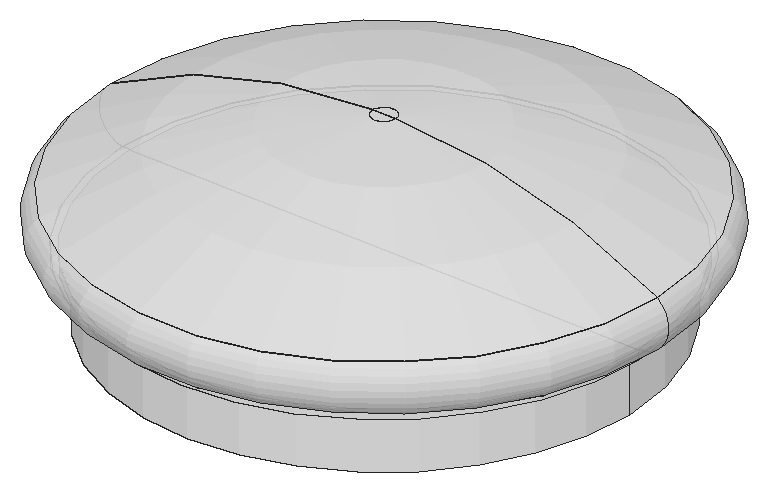
Revit family "0043115 Sylvania Lighting Fixture START ECO SURFACE IP44 1000LM 830", category Lighting Fixtures, host Face, Revit 2016
Family settings
  Host = Face
  Part Type = Normal
  Round Connector Dimension = Use Diameter
  OmniClass Number = 23.80.70.11.17
  OmniClass Title = Specialized Lighting by Location or Use
  Cut with Voids When Loaded = No
  Light Source = Yes
  Shared = No
  Room Calculation Point = No
Parameters (values of type "0043115 START ECO SURFACE IP44 1000LM 830")
  Weight = "kg"
  WarrantyStartDate [instance] = "n/a"
  WarrantyGuarantorParts = "n/a"
  WarrantyDurationUnit = "n/a"
  WarrantyDurationParts = "n/a"
  WarrantyDescription = "n/a"
  Voltage = 230 V
  TypeName = "START ECO SURFACE IP44 1000LM 830"
  SerialNumber [instance] = "n/a"
  Radius_FEILO = 125.0 mm
  Wattage = 12 W
  built-in parameter 1150110 = 1 (stored number, unit not read)
  URL = "http://www.sylvania-lighting.com"
  built-in parameter 1114217 = 1 (stored number, unit not read)
  Tilt Angle = -90°
  built-in parameter 1150109 = 1 (stored number, unit not read)
  built-in parameter 1150134 = (empty or 0)
  built-in parameter 1150113 = 1 (stored number, unit not read)
  PowerFactor = 0.8
  PowerConsumption = "12 W"
  Photometric Web File = "0043115.ies"
  NominalWidth = 0.0 mm
  NominalLength = 250.0 mm
  NominalHeight = 80.0 mm
  Name = "START ECO SURFACE IP44 1000LM 830"
  ModelReference = "START ECO SURFACE IP44 1000LM 830"
  ModelNumber = "0043115"
  Material_4_FEILO = none
  Material_3_FEILO = Polycarbonate_Sylvania_Sylcircle_Opal
  Material_2_FEILO = Metal_Sylvania_Sylcircle_White
  Material_1_FEILO = none
  Material = "aluminium housing, polycarbonate diffuser"
  ManufacturerName = "Feilo Sylvania"
  LuminousEfficacy = "83 lm/W"
  LuminaireType = ""
  LightOutputRatio = "n/a"
  LampsType = Lamp  # "LED"
  LampNominalLuminous = "1000 lm"
  LampMacAdamStep = "6"
  LampColourTemperature = "3000 K"
  LampColourRenderingIndex = "80"
  Keynote = "16500"
  InstallationDate [instance] = "n/a"
  InputVoltage = "220-240V~"
  InputNominalFrequency = "50 Hz"
  IngressProtection = "IP44"
  ImpactProtectionIndex = "IK03"
  IfcExportType = "IfcLightFixtureType"
  IfcExportAs = "IfcLightFixtureType"
  Height_FEILO = 80.0 mm
  ExpectedLife = 50000
  ElectricShockClassification = "Class I"
  DurationUnit = "hours"
  DocumentationLiterature = "http://www.sylvania-lighting.com/product/en-int/products/0043115"
  DimmingControlOptions = "Non dimmable"
  Diameter_FEILO = 2 * Radius_FEILO  # 250.0 mm
  CreatedOn = "8/8/2018"
  CreatedBy = "@sylvania-lighting.com"
  built-in parameter 1114216 [instance] = 1 (stored number, unit not read)
  Model = "START ECO SURFACE IP44 1000LM 830"
  Manufacturer = "Feilo Sylvania"
  built-in parameter 1150105 = 232.6 (stored number, unit not read)
  Lumens = 996 lm
  built-in parameter 1150115 = 1 (stored number, unit not read)
  built-in parameter 1150137 = (empty or 0)
  built-in parameter 1150139 = (empty or 0)
  built-in parameter 1150112 = 1 (stored number, unit not read)
  built-in parameter 1150114 = 1 (stored number, unit not read)
  Lamp = "LED"
  built-in parameter 1150132 = 2
  built-in parameter 1150102 = (empty or 0)
  built-in parameter 1150107 = 3000 (stored number, unit not read)
  built-in parameter 1150138 = (empty or 0)
  built-in parameter 1150106 = 2.326 (stored number, unit not read)
  built-in parameter 1150104 = 7.711 (stored number, unit not read)
  Dimming Lamp Color Temperature Shift = <None>
  Description = "Ceiling / wall luminaire with integrated LED  Perfect solution for hallways, circulation spaces or foyer.   Even and uniform light distribution with a halo lighting effect on the wall surface    12W 1000 lumens Supplied with LED driver (non-dimmable)    IK03 PMMA diffuser   Low maintenance with 30,000 hours LED life expectancy"
  Default Elevation = 0.0 mm
  Color Filter = 16777215
  built-in parameter 1140040 [instance] = 1
  BarCode [instance] = "n/a"
  built-in parameter 1114218 = 1 (stored number, unit not read)
  built-in parameter 1150133 = 10 (stored number, unit not read)
  AssetType = "Fixed"
  AssetIdentifier [instance] = "n/a"
  Assembly Code = "D5020200"
  Apparent Load = 12 VA
Reference planes
  plane 1 "Center (Front/Back)": y = 0
  plane 2: z = 0
  plane 3 "Center (Left/Right)": x = 0
  plane 4: x = 125
  plane 5: z = 23
  plane 6 "Housing Bottom": z = 27
  plane 7: z = 50
  plane 8 "Fixture Bottom": z = 80
  plane 9: x = 120
  plane 10: x = 115
  plane 11: x = 112
  plane 12: x = 108
Forms (mm)
  Revolve 1, solid, material "Polycarbonate_Sylvania_Sylcircle_Opal" <- "Material_3_FEILO", detail levels fine
    sketch origin (0, 0, 0) x (1, 0, 0) y (0, 0, 1)
      loop
        line (0, 80) -> (0, 27) -> (114.962, 27)
        arc (114.962, 27) -> (124.736, 36.911) -> (120, 50) r 13.044
        arc (120, 50) -> (64.424, 72.377) -> (5, 80) r 235.417
        line (5, 80) -> (0, 80)
      axis (0, 80) -> (0, 27)
    angle from 0 to 360
  Revolve 2, solid, material "Metal_Sylvania_Sylcircle_White" <- "Material_2_FEILO", detail levels fine
    sketch origin (0, 0, 0) x (1, 0, 0) y (0, 0, 1)
      loop
        line (112, 27) -> (0, 27) -> (0, 0) -> (108, 0) -> (108, 23) -> (112, 23) -> (112, 27)
      axis (0, 27) -> (0, 0)
    angle from 0 to 360
  Revolve 3, solid, material "Metal_Sylvania_Sylcircle_White" <- "Material_2_FEILO", detail levels coarse+medium
    sketch origin (0, 0, 0) x (1, 0, 0) y (0, 0, 1)
      loop
        line (0, 80) -> (0, 0) -> (108, 0) -> (108, 23) -> (112, 23) -> (112, 27) -> (114.962, 27)
        arc (114.962, 27) -> (124.736, 36.911) -> (120, 50) r 13.044
        arc (120, 50) -> (64.424, 72.377) -> (5, 80) r 235.417
        line (5, 80) -> (0, 80)
      axis (0, 80) -> (0, 0)
    angle from 0 to 360
Dimensions and locks
  "Height_FEILO": plane 8 "Fixture Bottom" to plane 2
  "Radius_FEILO": plane 4 to plane 3 "Center (Left/Right)"
  plane 6 "Housing Bottom" to plane 5 to plane 2 = 4.0 mm locked, 23.0 mm locked
  plane 4 to plane 9 to plane 10 to plane 11 to plane 12 = 5.0 mm locked, 5.0 mm locked, 3.0 mm locked, 4.0 mm locked
  aligned and locked: plane 2 to host face
  aligned and locked: level to host face
  aligned and locked: plane 1 "Center (Front/Back)" to imposter light
  aligned and locked: plane 3 "Center (Left/Right)" to imposter light
  aligned and locked: Revolve 1 sketch curve to plane 3 "Center (Left/Right)"
  aligned and locked: plane 6 "Housing Bottom" to Revolve 1 sketch curve  (x2)
  aligned and locked: Revolve 1 sketch curve to plane 8 "Fixture Bottom"
  aligned and locked: plane 9 to Revolve 1 sketch curve
  aligned and locked: Revolve 2 sketch curve to plane 6 "Housing Bottom"
  aligned and locked: Revolve 2 sketch curve to plane 11
  aligned and locked: Revolve 2 sketch curve to plane 5
  aligned and locked: Revolve 2 sketch curve to plane 12
  aligned and locked: Revolve 2 sketch curve to plane 2
  aligned and locked: Revolve 2 sketch curve to plane 3 "Center (Left/Right)"  (x2)
  aligned and locked: plane 8 "Fixture Bottom" to imposter light
  aligned and locked: plane 9 to Revolve 3 sketch curve
  aligned and locked: plane 6 "Housing Bottom" to Revolve 3 sketch curve
  aligned and locked: plane 7 to Revolve 3 sketch curve
  aligned and locked: Revolve 3 sketch curve to imposter light
  aligned and locked: Revolve 3 sketch curve to plane 11
  aligned and locked: Revolve 3 sketch curve to plane 2
  aligned and locked: Revolve 3 sketch curve to plane 5
  aligned and locked: Revolve 3 sketch curve to plane 12
Automatic sketch dimensions
  host sketch curve to host sketch curve = 1305.563 mm
  host sketch curve to host sketch curve = 1283.632 mm
  Revolve 1 sketch curve to plane 3 "Center (Left/Right)" = 0.0 mm
  Revolve 1 sketch curve to plane 7 = 0.0 mm
  Revolve 1 sketch curve to plane 10 = 0.038 mm
  plane 3 "Center (Left/Right)" to Revolve 1 sketch curve = 5.0 mm
  Revolve 1 sketch curve to plane 10 = 3.007 mm
  Revolve 1 sketch curve to Revolve 1 sketch curve = 234.06 mm
  Revolve 1 sketch curve to Revolve 1 sketch curve = 2559.943 mm
  Revolve 2 sketch curve to level = 372.274 mm
  plane 8 "Fixture Bottom" to Revolve 2 sketch curve = 2559.943 mm
  Revolve 3 sketch curve to plane 3 "Center (Left/Right)" = 0.0 mm  (x2)
  plane 3 "Center (Left/Right)" to Revolve 3 sketch curve = 5.0 mm
  Revolve 3 sketch curve to plane 10 = 0.038 mm
  Revolve 3 sketch curve to plane 11 = 0.007 mm
  Revolve 3 sketch curve to Revolve 3 sketch curve = 234.06 mm
  Revolve 3 sketch curve to Revolve 3 sketch curve = 2559.943 mm
Connectors
  electrical at (0, 0, 0), driven by "Apparent Load", driven by "Voltage", driven by "PowerFactor"
    settings: on Revolve 2, index 1, voltage 230 V, apparent load 0 VA, apparent load phase1 12 VA, apparent load phase2 0 VA, apparent load phase3 0 VA, power factor 0.8, load classification "Lighting", number of poles 1, system type 31, power factor state 1, is connector primary yes, connector utility no, sub classification motor no, connector description ""
